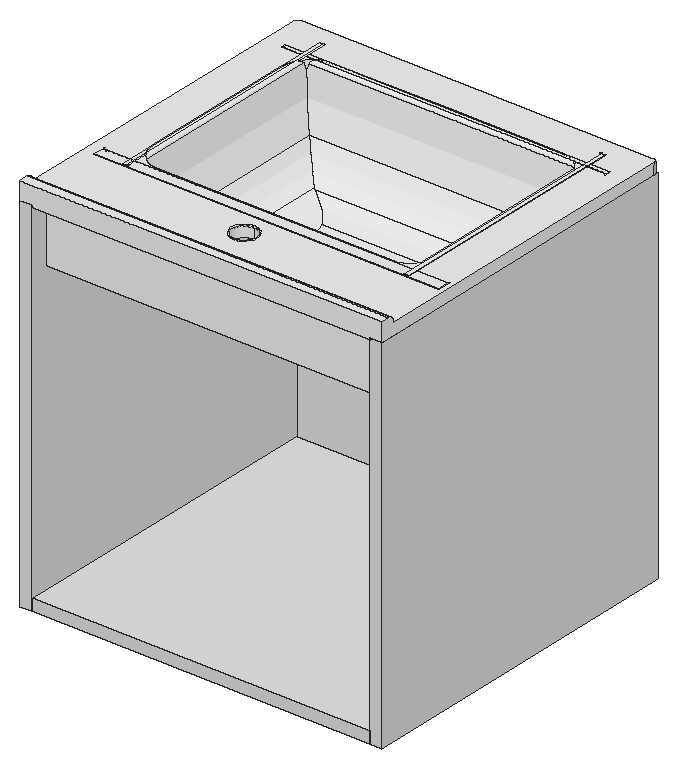
Revit family "Zara Wall Hung Basin & Cabinet", category Plumbing Fixtures, host Wall, Revit 2023
Family settings
  Host = Wall
  Round Connector Dimension = Use Diameter
  Part Type = Normal
  OmniClass Number = 23.45.00.00
  OmniClass Title = Sanitary, Laundry, and Cleaning Equipment
  Enable Cutting in Views = No
  Always vertical = Yes
  Cut with Voids When Loaded = No
  Maintain Annotation Orientation = No
  Shared = No
  Room Calculation Point = No
Parameters (values of type "Type 1")
  Silver = Silver
  Default Elevation = 0 mm
  Ceramic = Ceramic
  Cabinet Height = 515 mm
  Cabinet = Cabinet
  Basin Height = 850 mm
Reference planes
  plane 1: y = 0
  plane 2 "Center (Left/Right)": x = 125
  plane 3 "Back": y = 75
  plane 4: z = 850
  plane 5: z = 335
  plane 6: y = 550
  plane 7: y = 530
Text (mm)
  text "Placement side" at (-1787.139, 592.35, 0), in view "Ref. Level"
  text "Placement side" at (0, 230.823, 2917.686), in view "Left"
  text "Placement side" at (0, 562.268, 3853.606), in view "Right"
Dimensions and locks
  locked: plane 3 "Back" to host wall
  "Basin Height": level to plane 4
  "Cabinet Height": plane 5 to plane 4
  plane 6 to plane 7 = 20 mm
  aligned and locked: host wall to plane 1
  aligned and locked: plane 2 "Center (Left/Right)" to nested 1
  aligned and locked: nested 1 to host wall
Nested families
  nested 1: "Zara Wall Hung Basin & Cabinet(Family)" at (125, 75, 0), type "Zara Wall Hung Basin & Cabinet(Family)"
Definition of nested family "Zara Wall Hung Basin & Cabinet(Family)"
  Parameters (values of type "Zara Wall Hung Basin & Cabinet(Family)")
    Silver = none
    Default Elevation = 0 mm
    Ceramic = none
    Cabinet = none
  Reference planes
    plane 1 "Center (Front/Back)": y = 0
    plane 2: z = 0
    plane 3 "Center (Left/Right)": x = 0
  Forms (mm)
    Extrusion 1, solid, material <- "Cabinet"
      sketch origin (-125, -75, 0) x (1, 0, 0) y (0, 1, 0)
        loop
          line (-123.5, 75) -> (-107.5, 75) -> (-107.5, 550) -> (-123.5, 550) -> (-123.5, 75)
        loop
          line (357.5, 75) -> (373.5, 75) -> (373.5, 550) -> (357.5, 550) -> (357.5, 75)
      from 335 to 835
    Extrusion 2, solid, material <- "Cabinet"
      sketch origin (-125, -75, 0) x (1, 0, 0) y (0, 1, 0)
        loop
          line (-107.5, 530) -> (-107.5, 75) -> (357.5, 75) -> (357.5, 530) -> (-107.5, 530)
      from 335 to 351
    Extrusion 3, solid, material <- "Cabinet"
      sketch origin (0, -75, 0) x (0, 1, 0) y (0, 0, 1)
        loop
          line (530, 750) -> (530, 751.6) -> (513.4, 751.6) -> (513.4, 692.4) -> (530, 692.4) -> (530, 694) -> (515, 694) -> (515, 750) -> (530, 750)
      from -233.329 to 233.041
    Extrusion 4, solid, material <- "Cabinet"
      sketch origin (-125, 0, 0) x (1, 0, 0) y (0, 0, 1)
        loop
          line (356, 709) -> (-106, 709) -> (-106, 335) -> (356, 335) -> (356, 709)
      from -471 to -455
    Extrusion 5, solid, material <- "Cabinet"
      sketch origin (-125, 0, 0) x (1, 0, 0) y (0, 0, 1)
        loop
          line (357.5, 735) -> (357.5, 835) -> (-107.5, 835) -> (-107.5, 735) -> (357.5, 735)
      from -471 to -455
  Dimensions and locks
    aligned and locked: level to plane 2
    aligned and locked: Extrusion 1 to nested 1
    aligned and locked: Extrusion 1 to Extrusion 2
    aligned and locked: Extrusion 4 to Extrusion 5
  Nested families
    nested 1: "Zara WB 50cm Vanity" at (0, 0, 835) x (-1, 0, 0) z (0, 0, 1), type "Zara WB 50cm Vanity"
  Definition of nested family "Zara WB 50cm Vanity"
    Parameters (values of type "Zara WB 50cm Vanity")
      Silver = none
      Default Elevation = 0 mm
      Ceramic = none
    Reference planes
      plane 1 "Center (Front/Back)": y = 0
      plane 2: z = 0
      plane 3 "Center (Left/Right)": x = 0
    Forms (mm)
      Extrusion 1, solid, material <- "Ceramic"
        sketch origin (0, 0, 0) x (1, 0, 0) y (0, 1, 0)
          loop
            line (-248.5, 0) -> (-248.5, -468.863)
            arc (-248.5, -468.863) -> (-246.272, -473.633) -> (-241.395, -475.616) r 7.208
            line (-241.395, -475.616) -> (0, -476) -> (241.395, -475.616)
            arc (241.395, -475.616) -> (246.272, -473.633) -> (248.5, -468.863) r 7.208
            line (248.5, -468.863) -> (248.5, 0) -> (-248.5, 0)
          loop
            arc (-156.484, -124.844) -> (-184.74, -136.097) -> (-196.506, -164.142) r 39.303
            line (-196.506, -164.142) -> (-196.5, -384.455)
            arc (-196.5, -384.455) -> (-185.009, -412.225) -> (-157.257, -423.757) r 39.303
            line (-157.257, -423.757) -> (0, -424) -> (157.257, -423.757)
            arc (157.257, -423.757) -> (185.009, -412.225) -> (196.5, -384.455) r 39.303
            line (196.5, -384.455) -> (196.506, -164.142)
            arc (196.506, -164.142) -> (184.74, -136.097) -> (156.484, -124.844) r 39.303
            line (156.484, -124.844) -> (0, -124.844) -> (-156.484, -124.844)
        from 0 to 15
      Extrusion 2, solid, material <- "Ceramic"
        sketch origin (0, 0, 0) x (0, 1, 0) y (0, 0, 1)
          loop
            line (-20.164, 15) -> (-48.178, 15) -> (-35.309, -85) -> (-25, -85) -> (-25, -2) -> (0, -2) -> (0, 25) -> (-12.126, 25)
            arc (-12.126, 25) -> (-13.314, 24.9) -> (-14.469, 24.604) r 7.126
            arc (-14.469, 24.604) -> (-17.917, 22.261) -> (-19.824, 18.554) r 8.443
            line (-19.824, 18.554) -> (-19.945, 17.295) -> (-20.164, 15)
        from -248.5 to 248.5
      Extrusion 3, solid, material <- "Ceramic"
        sketch origin (0, 0, 0) x (0, 1, 0) y (0, 0, 1)
          loop
            line (-418.973, 14.982) -> (-424, 15) -> (-424, 0) -> (-455.452, 0)
            arc (-455.452, 0) -> (-453.761, -0.851) -> (-453, -2.585) r 2.795
            line (-453, -2.585) -> (-453, -30.688)
            arc (-453, -30.688) -> (-452.239, -32.422) -> (-450.548, -33.273) r 2.795
            line (-450.548, -33.273) -> (-432.69, -33.273)
            arc (-432.69, -33.273) -> (-431.229, -33.666) -> (-430.334, -34.887) r 2.285
            arc (-430.334, -34.887) -> (-407.18, -82.303) -> (-361.098, -108.01) r 88.185
            arc (-361.098, -108.01) -> (-310.759, -115.988) -> (-259.886, -119.083) r 528.898
            arc (-259.886, -119.083) -> (-288.368, -116.148) -> (-316.694, -111.974) r 657.127
            arc (-316.694, -111.974) -> (-336.09, -106.961) -> (-354.474, -99.002) r 128.869
            arc (-354.474, -99.002) -> (-375.867, -83.571) -> (-391.698, -62.474) r 87.637
            arc (-391.698, -62.474) -> (-406.724, -26.846) -> (-414.021, 11.127) r 185.098
            arc (-414.021, 11.127) -> (-415.835, 13.905) -> (-418.973, 14.982) r 5.109
        from -223.06 to 223.06
      Extrusion 4, solid, material <- "Ceramic"
        sketch origin (0, 0, 0) x (0, 1, 0) y (0, 0, 1)
          loop
            line (-108.74, 15) -> (-124.844, 15)
            arc (-124.844, 15) -> (-128.12, 13.802) -> (-130, 10.864) r 5.454
            line (-130, 10.864) -> (-132.677, -19.703) -> (-143.1, -105.669)
            arc (-143.1, -105.669) -> (-147.358, -112.985) -> (-154.899, -116.828) r 14.993
            line (-154.899, -116.828) -> (-165.273, -118.61) -> (-165.273, -121.654) -> (-154.37, -119.781)
            arc (-154.37, -119.781) -> (-145.236, -115.107) -> (-140.142, -106.201) r 17.993
            line (-140.142, -106.201) -> (-129.693, -20.015) -> (-127.036, 10.322)
            arc (-127.036, 10.322) -> (-126.18, 11.511) -> (-124.799, 12) r 2.454
            line (-124.799, 12) -> (-108.74, 12) -> (-108.74, 15)
        from -240 to 233.329
      Extrusion 5, solid, material <- "Ceramic"
        sketch origin (0, 0, 0) x (-1, 0, 0) y (0, 0, -1)
          loop
            line (191.485, -14.982) -> (196.511, -15) -> (196.511, 0) -> (227.963, 0)
            arc (227.963, 0) -> (226.272, 0.851) -> (225.511, 2.585) r 2.795
            line (225.511, 2.585) -> (225.511, 30)
            arc (225.511, 30) -> (224.751, 31.734) -> (223.06, 32.585) r 2.795
            line (223.06, 32.585) -> (216.789, 32.585)
            arc (216.789, 32.585) -> (215.738, 32.732) -> (214.826, 33.273) r 2.682
            arc (214.826, 33.273) -> (135.961, 96.87) -> (37.469, 120.61) r 231.04
            line (37.469, 120.61) -> (37.469, 118.61)
            arc (37.469, 118.61) -> (84.17, 113.051) -> (128.751, 98.072) r 229.04
            arc (128.751, 98.072) -> (149.086, 82.869) -> (164.21, 62.474) r 87.637
            arc (164.21, 62.474) -> (179.236, 26.846) -> (186.532, -11.127) r 185.098
            arc (186.532, -11.127) -> (188.346, -13.905) -> (191.485, -14.982) r 5.109
        from 111.966 to 450.548
      Extrusion 6, solid, material <- "Ceramic"
        sketch origin (0, 0, 0) x (1, 0, 0) y (0, 0, 1)
          loop
            arc (191.485, 14.982) -> (188.346, 13.905) -> (186.532, 11.127) r 5.109
            arc (186.532, 11.127) -> (179.236, -26.846) -> (164.21, -62.474) r 185.098
            arc (164.21, -62.474) -> (149.086, -82.869) -> (128.751, -98.072) r 87.637
            arc (128.751, -98.072) -> (84.17, -113.051) -> (37.469, -118.61) r 229.04
            line (37.469, -118.61) -> (37.469, -120.61)
            arc (37.469, -120.61) -> (135.961, -96.87) -> (214.826, -33.273) r 231.04
            arc (214.826, -33.273) -> (215.738, -32.732) -> (216.789, -32.585) r 2.682
            line (216.789, -32.585) -> (223.06, -32.585)
            arc (223.06, -32.585) -> (224.751, -31.734) -> (225.511, -30) r 2.795
            line (225.511, -30) -> (225.511, -2.585)
            arc (225.511, -2.585) -> (226.272, -0.851) -> (227.963, 0) r 2.795
            line (227.963, 0) -> (196.511, 0) -> (196.511, 15) -> (191.485, 14.982)
        from 111.966 to 450.548
      Extrusion 7, void
        sketch origin (0, 0, 0) x (0, 1, 0) y (0, 0, 1)
          loop
            line (-432.69, -33.273) -> (-457.267, -33.273) -> (-457.267, -146.338) -> (-259.886, -146.338) -> (-259.886, -119.083)
            arc (-259.886, -119.083) -> (-310.759, -115.988) -> (-361.098, -108.01) r 528.898
            arc (-361.098, -108.01) -> (-407.18, -82.303) -> (-430.334, -34.887) r 88.185
            arc (-430.334, -34.887) -> (-431.229, -33.666) -> (-432.69, -33.273) r 2.285
        from -289.729 to 250
      Extrusion 8, void
        sketch origin (0, 0, 0) x (1, 0, 0) y (0, 0, 1)
          loop
            line (-267.469, 0) -> (-267.469, -150.61) -> (-37.469, -150.61) -> (-37.469, -120.61)
            arc (-37.469, -120.61) -> (-135.961, -96.87) -> (-214.826, -33.273) r 231.04
            arc (-214.826, -33.273) -> (-215.738, -32.732) -> (-216.789, -32.585) r 2.682
            line (-216.789, -32.585) -> (-223.06, -32.585)
            arc (-223.06, -32.585) -> (-224.751, -31.734) -> (-225.511, -30) r 2.795
            line (-225.511, -30) -> (-225.511, -2.585)
            arc (-225.511, -2.585) -> (-226.272, -0.851) -> (-227.963, 0) r 2.795
            line (-227.963, 0) -> (-267.469, 0)
          loop
            line (267.469, 0) -> (227.963, 0)
            arc (227.963, 0) -> (226.272, -0.851) -> (225.511, -2.585) r 2.795
            line (225.511, -2.585) -> (225.511, -30)
            arc (225.511, -30) -> (224.751, -31.734) -> (223.06, -32.585) r 2.795
            line (223.06, -32.585) -> (216.789, -32.585)
            arc (216.789, -32.585) -> (215.738, -32.732) -> (214.826, -33.273) r 2.682
            arc (214.826, -33.273) -> (135.961, -96.87) -> (37.469, -120.61) r 231.04
            line (37.469, -120.61) -> (37.469, -150.61) -> (267.469, -150.61) -> (267.469, 0)
        from 0 to 536.091
      Extrusion 9, void
        sketch origin (0, 0, 0) x (0, 1, 0) y (0, 0, 1)
          loop
            line (-127.94, 0) -> (-129.693, -20.015) -> (-140.142, -106.201)
            arc (-140.142, -106.201) -> (-145.236, -115.107) -> (-154.37, -119.781) r 17.993
            line (-154.37, -119.781) -> (-165.273, -121.654) -> (-96.8, -121.654) -> (-96.8, 0) -> (-127.94, 0)
        from -475.074 to 250
      Extrusion 10, solid, material <- "Ceramic"
        sketch origin (0, 0, 0) x (1, 0, 0) y (0, 1, 0)
          loop
            line (-37.469, -259.886) -> (37.469, -259.886) -> (37.469, -165.273) -> (-37.469, -165.273) -> (-37.469, -259.886)
        from -120.988 to -118.61
      Extrusion 11, void
        sketch origin (0, 0, 0) x (1, 0, 0) y (0, 1, 0)
          loop
            circle (0, -75) r 18
        from -2.585 to 17.412
      Revolve 12, solid, material <- "Ceramic"
        sketch origin (0, 0, 0) x (0, 1, 0) y (0, 0, 1)
          loop
            line (-93, 0) -> (-92, 0) -> (-92, 14)
            arc (-92, 14) -> (-92.293, 14.707) -> (-93, 15) r 1
            line (-93, 15) -> (-93, 0)
          axis (-75, 15) -> (-75, 0)
        angle from 0 to 360
      Extrusion 13, void
        sketch origin (0, 0, 0) x (1, 0, 0) y (0, 1, 0)
          loop
            circle (0, -198.5) r 22.5
        from -129.358 to -104.941
      Extrusion 14, solid, material <- "Ceramic"
        sketch origin (0, 0, 0) x (0, 1, 0) y (0, 0, 1)
          loop
            line (-126.24, -127.504) -> (-109.108, 12) -> (-124.799, 12)
            arc (-124.799, 12) -> (-126.18, 11.511) -> (-127.036, 10.322) r 2.454
            line (-127.036, 10.322) -> (-129.693, -20.015) -> (-140.142, -106.201)
            arc (-140.142, -106.201) -> (-145.236, -115.107) -> (-154.37, -119.781) r 17.993
            line (-154.37, -119.781) -> (-176.444, -123.572) -> (-183.855, -128.592) -> (-183.855, -150.485) -> (-155.285, -150.485)
            arc (-155.285, -150.485) -> (-144.595, -148.756) -> (-135.303, -143.194) r 28.741
            arc (-135.303, -143.194) -> (-129.532, -136.065) -> (-126.24, -127.504) r 29.384
        from -17.5 to 17.5
      Revolve 15, solid, material <- "Ceramic"
        sketch origin (0, 0, 0) x (0, 1, 0) y (0, 0, 1)
          loop
            line (-176.5, -160) -> (-176.5, -128.592) -> (-165.273, -120.988) -> (-183.176, -120.988) -> (-183.176, -160) -> (-176.5, -160)
          axis (-199, -120.988) -> (-199, -160)
        angle from 0 to 360
      Revolve 16, solid, material <- "Silver"
        sketch origin (0, -7, -840.079) x (0, 1, 0) y (0, 0, 1)
          loop
            line (-169.5, 721.469) -> (-169.5, 722.469)
            arc (-169.5, 722.469) -> (-169.793, 723.176) -> (-170.5, 723.469) r 1
            line (-170.5, 723.469) -> (-176.5, 723.469)
            arc (-176.5, 723.469) -> (-177.207, 723.176) -> (-177.5, 722.469) r 1
            line (-177.5, 722.469) -> (-177.5, 718.713)
            arc (-177.5, 718.713) -> (-177.646, 718.359) -> (-178, 718.213) r 0.5
            line (-178, 718.213) -> (-192, 718.213) -> (-192, 717.213) -> (-176.15, 717.213) -> (-176.15, 720.469)
            arc (-176.15, 720.469) -> (-175.857, 721.176) -> (-175.15, 721.469) r 1
            line (-175.15, 721.469) -> (-169.5, 721.469)
          axis (-192, 717.213) -> (-192, 723.469)
        angle from 0 to 360
      Extrusion 17, void
        sketch origin (0, -7, -840.079) x (1, 0, 0) y (0, 1, 0)
          loop
            circle (0, -192) r 3
          loop
            circle (-8.778, -192) r 3
          loop
            circle (-4.389, -184.398) r 3
          loop
            circle (4.389, -184.398) r 3
          loop
            circle (8.778, -192) r 3
          loop
            circle (4.389, -199.602) r 3
          loop
            circle (-4.389, -199.602) r 3
        from 710.891 to 726.281
      Extrusion 18, void
        sketch origin (0, 0, 0) x (1, 0, 0) y (0, 0, 1)
          loop
            line (-254.032, 0) -> (-254.032, -95) -> (-234.032, -95) -> (-234.032, 0) -> (-254.032, 0)
          loop
            line (254.032, 0) -> (234.032, 0) -> (234.032, -95) -> (254.032, -95) -> (254.032, 0)
        from 0 to 250
    Cuts and joins
      Extrusion 11, Extrusion 18 cuts Extrusion 1
      Extrusion 11, Extrusion 18 cuts Extrusion 2
      Extrusion 18 cuts Revolve 12
      joined: Extrusion 1, Extrusion 2, Revolve 12
      Extrusion 7, Extrusion 9 cuts Extrusion 6
      Extrusion 7, Extrusion 9 cuts Extrusion 5
      Extrusion 8, Extrusion 18 cuts Extrusion 4
      Extrusion 8 cuts Extrusion 3
      Extrusion 13 cuts Extrusion 10
      Extrusion 17 cuts Revolve 16
    Lines and regions (mm)
      model lines, not visible
        curve 1: line (-692.291, -1585.934, 0) -> (1298.037, -1585.934, 0)
        curve 2: line (-692.291, -1507.72, 0) -> (1298.037, -1507.72, 0)
        curve 3: line (-692.291, -1454.966, 0) -> (1298.037, -1454.966, 0)
        curve 4: line (-692.291, -1396.094, 0) -> (1298.037, -1396.094, 0)
        curve 5: line (-692.291, -1327.561, 0) -> (1298.037, -1327.561, 0)
        curve 6: line (-255.999, -1327.561, 0) -> (-255.999, -1731.243, 0)
        curve 7: line (856.752, -1327.561, 0) -> (856.752, -1731.243, 0)
        curve 8: line (515.541, -1731.243, 0) -> (767.709, -1731.243, 0)
        curve 9: line (767.709, -1731.243, 0) -> (1000.562, -1731.243, 0)
        curve 10: line (977.709, -1731.243, 0) -> (1298.037, -1731.243, 0)
        curve 11: line (1298.037, -1731.243, 0) -> (1298.037, 1093.757, 0)
        curve 12: line (1298.037, 1093.757, 0) -> (711.036, 1093.757, 0)
        curve 13: line (727.709, 1093.757, 0) -> (-188.693, 1093.757, 0)
        curve 14: line (-172.291, 1093.757, 0) -> (-692.291, 1093.757, 0)
        curve 15: line (-692.291, 1093.757, 0) -> (-692.291, -1731.243, 0)
        curve 16: line (-692.291, -1731.243, 0) -> (561.433, -1731.243, 0)
        curve 17: arc (227.952, 338.258, 0) -> (226.261, 337.407, 0) -> (225.5, 335.673, 0) r 2.795
        curve 18: arc (223.048, 305.673, 0) -> (224.739, 306.524, 0) -> (225.5, 308.258, 0) r 2.795
        curve 19: arc (37.5, 217.649, 0) -> (135.975, 241.396, 0) -> (214.826, 304.985, 0) r 231.04
        curve 20: arc (216.463, 305.673, 0) -> (215.586, 305.468, 0) -> (214.826, 304.985, 0) r 2.682
        curve 21: arc (248.5, 360.302, 0) -> (247.566, 362.356, 0) -> (245.497, 363.258, 0) r 3.151
        curve 22: arc (244.09, 338.258, 0) -> (247.204, 339.554, 0) -> (248.5, 342.668, 0) r 4.424
        curve 23: arc (-225.5, 335.673, 0) -> (-226.261, 337.407, 0) -> (-227.952, 338.258, 0) r 2.795
        curve 24: arc (-225.5, 308.258, 0) -> (-224.739, 306.524, 0) -> (-223.048, 305.673, 0) r 2.795
        curve 25: arc (-214.826, 304.985, 0) -> (-135.975, 241.396, 0) -> (-37.5, 217.649, 0) r 231.04
        curve 26: arc (-214.826, 304.985, 0) -> (-215.586, 305.468, 0) -> (-216.463, 305.673, 0) r 2.682
        curve 27: arc (-245.497, 363.258, 0) -> (-247.566, 362.356, 0) -> (-248.5, 360.302, 0) r 3.151
        curve 28: arc (-248.5, 342.668, 0) -> (-247.204, 339.554, 0) -> (-244.09, 338.258, 0) r 4.424
        curve 29: line (225.5, 335.673, 0) -> (225.5, 308.258, 0)
        curve 30: line (223.048, 305.673, 0) -> (216.463, 305.673, 0)
        curve 31: line (248.5, 360.302, 0) -> (248.5, 352.258, 0)
        curve 32: line (248.5, 352.258, 0) -> (248.5, 342.668, 0)
        curve 33: line (37.5, 217.649, 0) -> (-37.5, 217.649, 0)
        curve 34: line (-37.5, 217.649, 0) -> (-32.5, 178.258, 0)
        curve 35: line (-32.5, 178.258, 0) -> (32.5, 178.258, 0)
        curve 36: line (32.5, 178.258, 0) -> (37.5, 217.649, 0)
        curve 37: line (248.5, 353.258, 0) -> (0, 353.258, 0)
        curve 38: line (0, 353.258, 0) -> (-248.5, 353.258, 0)
        curve 39: line (245.497, 363.258, 0) -> (0, 363.258, 0)
        curve 40: line (0, 363.258, 0) -> (-245.497, 363.258, 0)
        curve 41: line (-244.09, 338.258, 0) -> (-227.952, 338.258, 0)
        curve 42: line (-227.952, 338.258, 0) -> (227.952, 338.258, 0)
        curve 43: line (227.952, 338.258, 0) -> (244.09, 338.258, 0)
        curve 44: line (-225.5, 338.258, 0) -> (-225.5, 308.258, 0)
        curve 45: line (-223.048, 305.673, 0) -> (-216.463, 305.673, 0)
        curve 46: line (-248.5, 360.302, 0) -> (-248.5, 352.258, 0)
        curve 47: line (-248.5, 352.258, 0) -> (-248.5, 342.668, 0)
        curve 48: line (597.207, 378.471, 0) -> (597.207, 348.045, 0)
        curve 49: line (640.95, 325.619, 0) -> (667.745, 325.619, 0)
        curve 50: line (579.707, 353.258, 0) -> (614.707, 353.258, 0)
        curve 51: line (698.707, 208.9, 0) -> (743.707, 208.9, 0)
        curve 52: line (687.48, 217.271, 0) -> (756.557, 217.271, 0)
        curve 53: line (721.207, 161.674, 0) -> (721.207, 233.317, 0)
        curve 54: line (698.707, 178.258, 0) -> (743.707, 178.258, 0)
        curve 55: line (655.543, 313.119, 0) -> (653.171, 338.119, 0)
        curve 56: line (623.983, 353.258, 0) -> (975.76, 353.258, 0)
        curve 57: arc (652.207, 349.122, 0) -> (650.327, 352.06, 0) -> (647.052, 353.258, 0) r 5.454
        curve 58: arc (657.51, 195.064, 0) -> (666.802, 189.502, 0) -> (677.492, 187.773, 0) r 28.741
        curve 59: arc (757.618, 217.649, 0) -> (756.324, 217.168, 0) -> (755.113, 216.504, 0) r 9.477
        curve 60: arc (665.786, 228.64, 0) -> (670.177, 222.347, 0) -> (677.107, 219.052, 0) r 14.993
        curve 61: arc (648.447, 210.755, 0) -> (651.739, 202.193, 0) -> (657.51, 195.064, 0) r 29.384
        curve 62: arc (542.032, 356.812, 0) -> (540.125, 360.519, 0) -> (536.676, 362.862, 0) r 8.443
        curve 63: arc (536.676, 362.862, 0) -> (535.521, 363.158, 0) -> (534.333, 363.258, 0) r 7.126
        curve 64: arc (941.32, 353.239, 0) -> (938.098, 352.206, 0) -> (936.228, 349.385, 0) r 5.109
        curve 65: arc (913.906, 275.784, 0) -> (928.932, 311.412, 0) -> (936.228, 349.385, 0) r 185.098
        curve 66: arc (882.648, 242.617, 0) -> (900.471, 257.133, 0) -> (913.906, 275.784, 0) r 87.637
        curve 67: arc (757.618, 217.649, 0) -> (798.394, 220.701, 0) -> (838.901, 226.284, 0) r 657.127
        curve 68: arc (838.901, 226.284, 0) -> (861.521, 232.452, 0) -> (882.648, 242.617, 0) r 128.869
        curve 69: arc (883.305, 230.248, 0) -> (930.511, 257.165, 0) -> (952.975, 306.645, 0) r 88.185
        curve 70: arc (782.093, 219.175, 0) -> (832.966, 222.27, 0) -> (883.305, 230.248, 0) r 528.898
        curve 71: arc (977.659, 338.258, 0) -> (975.968, 337.407, 0) -> (975.207, 335.673, 0) r 2.795
        curve 72: arc (972.756, 308.258, 0) -> (974.447, 309.11, 0) -> (975.207, 310.844, 0) r 2.795
        curve 73: arc (955.331, 308.258, 0) -> (953.87, 307.865, 0) -> (952.975, 306.645, 0) r 2.285
        curve 74: line (542.032, 356.812, 0) -> (542.152, 355.553, 0)
        curve 75: line (542.152, 355.553, 0) -> (542.371, 353.258, 0)
        curve 76: line (542.371, 353.258, 0) -> (579.707, 353.258, 0)
        curve 77: line (652.207, 349.122, 0) -> (653.171, 338.119, 0)
        curve 78: line (655.543, 313.119, 0) -> (665.786, 228.64, 0)
        curve 79: line (977.659, 338.258, 0) -> (998.207, 338.258, 0)
        curve 80: line (998.207, 338.258, 0) -> (998.207, 353.258, 0)
        curve 81: line (998.207, 353.258, 0) -> (941.32, 353.239, 0)
        curve 82: line (614.707, 353.258, 0) -> (647.052, 353.258, 0)
        curve 83: line (648.447, 210.755, 0) -> (630.947, 353.258, 0)
        curve 84: line (698.707, 178.258, 0) -> (698.707, 187.773, 0)
        curve 85: line (698.707, 187.773, 0) -> (677.492, 187.773, 0)
        curve 86: line (755.113, 216.504, 0) -> (743.707, 208.9, 0)
        curve 87: line (743.707, 208.9, 0) -> (743.707, 178.258, 0)
        curve 88: line (677.107, 219.052, 0) -> (687.48, 217.271, 0)
        curve 89: line (687.48, 217.271, 0) -> (698.707, 209.667, 0)
        curve 90: line (698.707, 209.667, 0) -> (698.707, 198.583, 0)
        curve 91: line (534.333, 363.258, 0) -> (522.207, 363.258, 0)
        curve 92: line (522.207, 363.258, 0) -> (522.207, 353.258, 0)
        curve 93: line (522.207, 353.258, 0) -> (522.207, 336.258, 0)
        curve 94: line (522.207, 336.258, 0) -> (547.207, 336.258, 0)
        curve 95: line (547.207, 336.258, 0) -> (547.207, 253.258, 0)
        curve 96: line (547.207, 253.258, 0) -> (557.516, 253.258, 0)
        curve 97: line (557.516, 253.258, 0) -> (570.385, 353.258, 0)
        curve 98: line (975.207, 335.673, 0) -> (975.207, 310.844, 0)
        curve 99: line (972.756, 308.258, 0) -> (955.331, 308.258, 0)
        curve 100: line (0, -167.232, 0) -> (0, -198.5, 0)
        curve 101: line (0, -198.5, 0) -> (31.268, -198.5, 0)
        curve 102: line (-31.268, -198.5, 0) -> (0, -198.5, 0)
        curve 103: line (0, -198.5, 0) -> (0, -229.768, 0)
        curve 104: line (-22.3, -74.5, 0) -> (0, -74.5, 0)
        curve 105: line (0, -74.5, 0) -> (22.3, -74.5, 0)
        curve 106: line (0, -96.8, 0) -> (0, -74.5, 0)
        curve 107: line (0, -74.5, 0) -> (0, -52.2, 0)
        curve 108: arc (241.395, -475.616, 0) -> (246.272, -473.633, 0) -> (248.5, -468.863, 0) r 7.208
        curve 109: arc (196.506, -169.291, 0) -> (184.737, -141.25, 0) -> (156.484, -130, 0) r 39.303
        curve 110: arc (157.197, -423.757, 0) -> (184.973, -412.261, 0) -> (196.5, -384.497, 0) r 39.303
        curve 111: circle (0, -74.5, 0) r 17.5 normal (0, 0, 1)
        curve 112: circle (0, -198.5, 0) r 22.5 normal (0, 0, 1)
        curve 113: arc (-248.5, -468.863, 0) -> (-246.272, -473.633, 0) -> (-241.395, -475.616, 0) r 7.208
        curve 114: arc (-156.484, -130, 0) -> (-184.737, -141.25, 0) -> (-196.506, -169.291, 0) r 39.303
        curve 115: arc (-196.5, -384.497, 0) -> (-184.973, -412.261, 0) -> (-157.197, -423.757, 0) r 39.303
        curve 116: arc (-246.754, 0, 0) -> (-247.986, -0.514, 0) -> (-248.5, -1.746, 0) r 1.754
        curve 117: line (246.754, 0, 0) -> (-246.754, 0, 0)
        curve 118: line (248.5, -18, 0) -> (-248.5, -18, 0)
        curve 119: line (-241.395, -475.616, 0) -> (0, -476, 0)
        curve 120: line (0, -476, 0) -> (241.395, -475.616, 0)
        curve 121: line (0, -424, 0) -> (157.197, -423.757, 0)
        curve 122: line (248.5, -1.746, 0) -> (248.5, -468.863, 0)
        curve 123: line (196.506, -169.291, 0) -> (196.5, -384.497, 0)
        curve 124: line (-156.484, -130, 0) -> (0, -130, 0)
        curve 125: line (0, -130, 0) -> (156.484, -130, 0)
        curve 126: line (0, -424, 0) -> (-157.197, -423.757, 0)
        curve 127: line (-248.5, -1.746, 0) -> (-248.5, -468.863, 0)
        curve 128: line (-196.506, -169.291, 0) -> (-196.5, -384.497, 0)
    Text (mm)
      text "  Zara WB 50cm Vanity\n   (Provisional Drawing)" at (37.058, -1601.212, 0), in view "Ref. Level", not visible
      text "20/4/2021" at (984.853, -1398.513, 0), in view "Ref. Level", not visible
      text "Date Of Rev\n." at (955.484, -1341.385, 0), in view "Ref. Level", not visible
      text "Scale :\n1:10" at (978.122, -1642.12, 0), in view "Ref. Level", not visible
      text "Reason\n." at (242.286, -1338.066, 0), in view "Ref. Level", not visible
      text "Revision No\n." at (-616.676, -1342.256, 0), in view "Ref. Level", not visible
      text "Initial Issue\n." at (-211.258, -1397.706, 0), in view "Ref. Level", not visible
      text "0" at (-491.104, -1401.096, 0), in view "Ref. Level", not visible
      text "Disclaimer:\n-Fixture dimensions are nominal and conform to tolerances as per European Norms.\n-This drawing may not be copied or passed on to a third party without our permission.\n-Lecico accepts no liability whatsoever for this data and technical drawings. Other parties use them at their own risk.\n-The dimensions indicated are not binding, Lecico reserves the right to make product   drawings changes without prior notice." at (-622.749, -1088.708, 0), in view "Ref. Level", not visible
      text "/" at (622.594, -1244.819, 0), in view "Ref. Level", not visible
      text "20/10/2021" at (979.238, -1454.398, 0), in view "Ref. Level", not visible
      text "The name has been\nchanged." at (-207.02, -1450.938, 0), in view "Ref. Level", not visible
      text "1" at (-486.867, -1454.414, 0), in view "Ref. Level", not visible
    Dimensions and locks
      aligned and locked: level to plane 2
